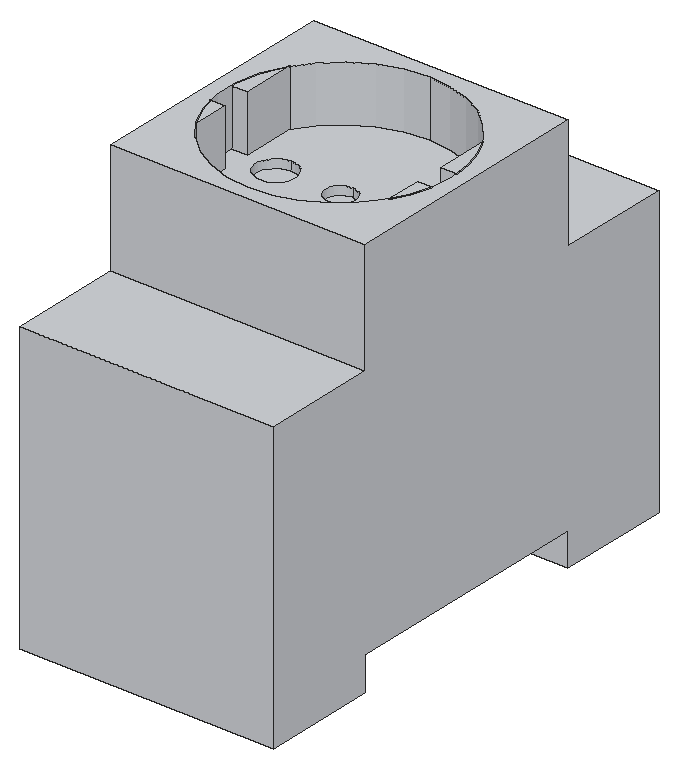
Revit family "Power-ModularDevices-GEWISS-90AM-SOCKET_OUTLET_DIN_DEU", category Apparecchi elettrici, host Superficie, Revit 2016
Family settings
  Host = Superficie
  Mantenere orientamento annotazione = Sì
  Tipo di parte = Normale
  Quota connettore circolare = Usa diametro
  Numero OmniClass = 23.80.50.11
  Titolo OmniClass = Switches and Receptacles
  Taglio con vuoti quando caricato = No
  Condiviso = No
  Punto di calcolo locali = Sì
Parameters (values of type "GW96522 - DIN RAIL SOCKET GER.STD -2P+E 16A - 2,5M")
  Version file RFA = "18.0"
  URL = "https://www.gewiss.com/ww/en"
  Technical sheet = "https://www.gewiss.com/ww/en/search?q=GW96522"
  Standard = "German"
  SIMBOLO IN PIANTA [instance] = yes
  Realized by GEWISS S.p.A. = ""
  Rated voltage = "250Vac"
  Rated current (In) = "16 A"
  Default Elevation = 1219.2 mm
  Produttore = "GEWISS S.p.A."
  Number of poles = "2P+E"
  No. Chorus modules = "2,5"
  Modello = "GW96522"
  L_VERTICALE [instance] = 97.365 mm
  Installation = "DIN rail"
  Immagine tipo = GW96522.jpg
  IFC.TypeObject = ""
  IFC.ExportType = ""
  IFC.ExportAs = ""
  IDT = "218c7963-caa2-4db4-bed7-6c0ad32bbe90"
  IDF = "ca512cc2-6dfa-4e8c-867a-303be78aa01b"
  Finitura = none
  Electrocod = "140                 "
  EAN code = "8011564441729"
  Descrizione = "DIN RAIL SOCKET GER.STD -2P+E 16A - 2,5M"
  DIST_BARRA DIN [instance] = 15 mm
  Catalogue Range = "90 AM"
  Catalogue = "POWER"
  COBie.Tagnumber = ""
  COBie.CreatedOn = ""
  COBie.CreatebBy = ""
  COBie.ComponentRegisterItemID = ""
  COBie.Component.TagNumber = ""
  COBie.Component.Space = ""
  COBie.Component.SerialNumber = ""
  COBie.Component.InstallationDate = ""
  COBie.Component.Description = ""
  COBie.Component.BarCode = ""
Reference planes
  plane 1 "Centro (Fronte/Retro)": y = 0
  plane 2: z = 0
  plane 3 "Centro (Sinistra/Destra)": x = 0
  plane 4: z = 15
  plane 5: through (0, 42.5, 60) normal (0, 0.9613, -0.2756)
  plane 6: through (0, -42.5, 60) normal (0, -0.9613, 0.2756)
Dimensions and locks
  "DIST_BARRA DIN": plane 4 to host face
  angle plane 5 to plane 1 "Centro (Fronte/Retro)" = 16.00°
  angle plane 1 "Centro (Fronte/Retro)" to plane 5 = 164.00°
  angle plane 6 to plane 4 = 106.00°
  aligned and locked: plane 2 to host face
  aligned and locked: level to host face
  aligned and locked: plane 3 "Centro (Sinistra/Destra)" to nested 1
  aligned and locked: plane 1 "Centro (Fronte/Retro)" to nested 1
Automatic sketch dimensions
  host sketch curve to host sketch curve = 2438.4 mm  (x2)
Nested families
  nested 1: "GENERICO  - 90AM PRESA GUIDA DIN STANDARD TED COPERCHIO" at (0, 0, 0), type "GENERICO  - 90AM PRESA GUIDA DIN STANDARD TED COPERCHIO"
  nested 2: "CIV" at (0, 66.988, 0), visible <- "SIMBOLO IN PIANTA", type "CIV"
Connectors
  electrical at (0, 42.5, 34.5)
    settings: on nested 1, index 1, voltage 230 V, apparent load 0 VA, apparent load phase1 0 VA, apparent load phase2 0 VA, apparent load phase3 0 VA, power factor 1, load classification "Altro", number of poles 1, system type 31, power factor state 1, is connector primary yes, connector utility no, sub classification motor no, connector description ""
Definition of nested family "GENERICO  - 90AM PRESA GUIDA DIN STANDARD TED COPERCHIO"
  Parameters (values of type "GENERICO  - 90AM PRESA GUIDA DIN STANDARD TED COPERCHIO")
    h_barra din = if(Altezza barre = 1 mm, 69.9 mm, if(Altezza barre = 2 mm, 115.8 mm, 0 mm))  # 0 mm
    Sportello = yes
    R = 20 mm  # constant formula
    H = if(AB_O = 1, AB_V, if(AB_O = 2, AB_H, 50.8 mm))  # 50.8 mm
    Finitura = none
    Dist barra din = 15 mm
    Contatto = none
    C1 = 45 mm
    C = 65 mm
    B = 85 mm  # constant formula
    Altezza barre = 5 mm  # constant formula
    AB_V = 3 mm  # constant formula
    AB_H = 5 mm  # constant formula
    AB_O = 0  # constant formula
    A = 45 mm  # constant formula
  Reference planes
    plane 1 "Centro (Fronte/Retro)": y = 0
    plane 2: z = 0
    plane 3 "Centro (Sinistra/Destra)": x = 0
    plane 4: y = -42.5
    plane 5: y = 42.5
    plane 6: z = 15
    plane 7: z = 9
    plane 8 "top": z = 80
    plane 9 "incasso": z = 60
    plane 10: y = -22.5
    plane 11: y = 22.5
    plane 12: x = -22.5
    plane 13: x = 22.5
    plane 14: through (4267.2, -42.5, 9) normal (0, -0.1901, 0.9818)
    plane 15 "foro": z = 70
    plane 16: x = -11.25
    plane 17: x = 11.25
    plane 18: through (-22.5, -42.5, 1200) normal (-0.7547, -0.6561, 0)
    plane 19: through (-22.5, -42.5, 1200) normal (0.8988, -0.4384, 0)
    plane 20: through (22.5, -42.5, 1200) normal (-0.9397, 0.342, 0)
    plane 21: y = 14.153
    plane 22: y = 25.5
    plane 23: y = 20
  Forms (mm)
    Extrusion 1, solid, material <- "Finitura"
      sketch origin (0, 0, 0) x (0, 1, 0) y (0, 0, 1)
        loop
          line (-22.5, 15) -> (22.5, 15) -> (22.5, 9) -> (42.5, 9) -> (42.5, 60) -> (22.5, 60) -> (22.5, 80) -> (-22.5, 80) -> (-22.5, 60) -> (-42.5, 60) -> (-42.5, 9) -> (-22.5, 9) -> (-22.5, 15)
      from -22.5 to 22.5
    Extrusion 2, void
      sketch origin (0, 0, 60) x (0, -1, 0) y (1, 0, 0)
        loop
          circle (0, 0) r 20
      from 10 to 20
    Extrusion 3, void
      sketch origin (0, 0, 60) x (0, -1, 0) y (1, 0, 0)
        loop
          circle (0, -11.25) r 3.434
        loop
          circle (0, 11.25) r 3.477
      from 8.474 to 10
    Extrusion 4, void
      sketch origin (0, -13.865, 70) x (0, -1, 0) y (1, 0, 0)
        loop
          circle (-14.153, 0) r 2.622
      from -1.526 to 0
    Extrusion 5, solid, material <- "Contatto"
      sketch origin (0, 0, 70) x (0, -1, 0) y (1, 0, 0)
        loop
          arc (-10.41, -17.077) -> (-5.906, -19.108) -> (-1.041, -19.973) r 20
          line (-1.041, -19.973) -> (-1.041, -17.077) -> (-10.41, -17.077)
        loop
          line (4.034, -17.077) -> (4.034, -19.589)
          arc (4.034, -19.589) -> (7.331, -18.608) -> (10.41, -17.077) r 20
          line (10.41, -17.077) -> (4.034, -17.077)
      from 0 to 10
    Extrusion 6, solid, material <- "Contatto"
      sketch origin (0, 0, 70) x (0, -1, 0) y (1, 0, 0)
        loop
          line (-10.41, 17.077) -> (-1.041, 17.077) -> (-1.041, 19.973)
          arc (-1.041, 19.973) -> (-5.906, 19.108) -> (-10.41, 17.077) r 20
        loop
          line (4.034, 17.077) -> (10.41, 17.077)
          arc (10.41, 17.077) -> (7.331, 18.608) -> (4.034, 19.589) r 20
          line (4.034, 19.589) -> (4.034, 17.077)
      from 0 to 10
  Cuts and joins
    Extrusion 2, Extrusion 3, Extrusion 4 cuts Extrusion 1
  Lines and regions (mm)
    symbolic lines
      curve 1: line (0, 0, 29) -> (0, 0, 9)
      curve 2: line (0, -22.5, 15) -> (0, 22.5, 15)
    model lines, detail levels fine
      curve 3: line (-19.31, -20.181, 80) -> (-19.474, -20.165, 80)
      curve 4: line (-19.474, -20.165, 80) -> (-19.631, -20.118, 80)
      curve 5: line (-19.631, -20.118, 80) -> (-19.777, -20.04, 80)
      curve 6: line (-19.777, -20.04, 80) -> (-19.904, -19.935, 80)
      curve 7: line (-19.904, -19.935, 80) -> (-20.008, -19.808, 80)
      curve 8: line (-20.008, -19.808, 80) -> (-20.086, -19.663, 80)
      curve 9: line (-20.086, -19.663, 80) -> (-20.134, -19.505, 80)
      curve 10: line (-20.134, -19.505, 80) -> (-20.15, -19.341, 80)
      curve 11: line (-20.15, -19.341, 80) -> (-20.134, -19.178, 80)
      curve 12: line (-20.134, -19.178, 80) -> (-20.086, -19.02, 80)
      curve 13: line (-20.086, -19.02, 80) -> (-20.008, -18.875, 80)
      curve 14: line (-20.008, -18.875, 80) -> (-19.904, -18.747, 80)
      curve 15: line (-19.904, -18.747, 80) -> (-19.777, -18.643, 80)
      curve 16: line (-19.777, -18.643, 80) -> (-19.631, -18.565, 80)
      curve 17: line (-19.631, -18.565, 80) -> (-19.474, -18.518, 80)
      curve 18: line (-19.474, -18.518, 80) -> (-19.31, -18.501, 80)
      curve 19: line (-19.31, -18.501, 80) -> (-18.87, -18.501, 80)
      curve 20: line (-18.87, -18.501, 80) -> (-18.87, -18.981, 80)
      curve 21: line (-18.87, -18.981, 80) -> (-19.51, -18.981, 80)
      curve 22: line (-19.51, -18.981, 80) -> (-19.51, -19.701, 80)
      curve 23: line (-19.39, -19.701, 80) -> (-19.39, -19.101, 80)
      curve 24: line (-19.39, -19.101, 80) -> (-18.87, -19.101, 80)
      curve 25: line (-18.87, -19.101, 80) -> (-18.87, -20.181, 80)
      curve 26: line (-18.87, -20.181, 80) -> (-19.31, -20.181, 80)
      curve 27: line (-18.75, -20.181, 80) -> (-17.47, -20.181, 80)
      curve 28: line (-17.47, -20.181, 80) -> (-17.47, -19.701, 80)
      curve 29: line (-17.47, -19.701, 80) -> (-18.23, -19.701, 80)
      curve 30: line (-18.23, -19.581, 80) -> (-17.47, -19.581, 80)
      curve 31: line (-17.47, -19.581, 80) -> (-17.47, -19.101, 80)
      curve 32: line (-17.47, -19.101, 80) -> (-18.23, -19.101, 80)
      curve 33: line (-18.23, -18.981, 80) -> (-18.03, -18.981, 80)
      curve 34: line (-18.03, -18.981, 80) -> (-18.03, -18.501, 80)
      curve 35: line (-18.03, -18.501, 80) -> (-18.75, -18.501, 80)
      curve 36: line (-18.75, -18.501, 80) -> (-18.75, -20.181, 80)
      curve 37: line (-16.657, -20.181, 80) -> (-17.15, -20.181, 80)
      curve 38: line (-17.15, -20.181, 80) -> (-17.43, -18.981, 80)
      curve 39: line (-17.43, -18.981, 80) -> (-17.91, -18.981, 80)
      curve 40: line (-17.91, -18.981, 80) -> (-17.91, -18.501, 80)
      curve 41: line (-17.91, -18.501, 80) -> (-17.049, -18.501, 80)
      curve 42: line (-17.049, -18.501, 80) -> (-16.864, -19.297, 80)
      curve 43: line (-16.864, -19.297, 80) -> (-16.704, -18.501, 80)
      curve 44: line (-16.704, -18.501, 80) -> (-16.224, -18.501, 80)
      curve 45: line (-16.224, -18.501, 80) -> (-16.052, -19.242, 80)
      curve 46: line (-16.052, -19.242, 80) -> (-15.904, -18.501, 80)
      curve 47: line (-15.904, -18.501, 80) -> (-14.95, -18.501, 80)
      curve 48: line (-14.95, -18.501, 80) -> (-14.95, -18.981, 80)
      curve 49: line (-14.95, -18.981, 80) -> (-15.51, -18.981, 80)
      curve 50: line (-15.51, -18.981, 80) -> (-15.75, -20.181, 80)
      curve 51: line (-15.75, -20.181, 80) -> (-16.24, -20.181, 80)
      curve 52: line (-16.24, -20.181, 80) -> (-16.464, -19.218, 80)
      curve 53: line (-16.464, -19.218, 80) -> (-16.657, -20.181, 80)
      curve 54: line (-14.95, -19.101, 80) -> (-15.43, -19.101, 80)
      curve 55: line (-15.43, -19.101, 80) -> (-15.43, -20.181, 80)
      curve 56: line (-15.43, -20.181, 80) -> (-14.95, -20.181, 80)
      curve 57: line (-14.95, -20.181, 80) -> (-14.95, -19.101, 80)
      curve 58: line (-14.83, -20.181, 80) -> (-13.55, -20.181, 80)
      curve 59: line (-13.55, -20.181, 80) -> (-13.55, -19.101, 80)
      curve 60: line (-13.55, -19.101, 80) -> (-14.31, -19.101, 80)
      curve 61: line (-14.31, -18.981, 80) -> (-13.55, -18.981, 80)
      curve 62: line (-13.55, -18.981, 80) -> (-13.55, -18.501, 80)
      curve 63: line (-13.55, -18.501, 80) -> (-14.83, -18.501, 80)
      curve 64: line (-14.83, -18.501, 80) -> (-14.83, -19.581, 80)
      curve 65: line (-14.83, -19.581, 80) -> (-14.07, -19.581, 80)
      curve 66: line (-14.07, -19.701, 80) -> (-14.83, -19.701, 80)
      curve 67: line (-14.83, -19.701, 80) -> (-14.83, -20.181, 80)
      curve 68: line (-12.99, -20.181, 80) -> (-12.826, -20.165, 80)
      curve 69: line (-12.826, -20.165, 80) -> (-12.669, -20.118, 80)
      curve 70: line (-12.669, -20.118, 80) -> (-12.523, -20.04, 80)
      curve 71: line (-12.523, -20.04, 80) -> (-12.396, -19.935, 80)
      curve 72: line (-12.396, -19.935, 80) -> (-12.292, -19.808, 80)
      curve 73: line (-12.292, -19.808, 80) -> (-12.214, -19.663, 80)
      curve 74: line (-12.214, -19.663, 80) -> (-12.166, -19.505, 80)
      curve 75: line (-12.166, -19.505, 80) -> (-12.15, -19.341, 80)
      curve 76: line (-12.185, -19.101, 80) -> (-12.91, -19.101, 80)
      curve 77: line (-12.91, -18.981, 80) -> (-12.231, -18.981, 80)
      curve 78: line (-12.231, -18.981, 80) -> (-12.331, -18.821, 80)
      curve 79: line (-12.331, -18.821, 80) -> (-12.464, -18.687, 80)
      curve 80: line (-12.464, -18.687, 80) -> (-12.624, -18.586, 80)
      curve 81: line (-12.624, -18.586, 80) -> (-12.802, -18.523, 80)
      curve 82: line (-12.802, -18.523, 80) -> (-12.99, -18.501, 80)
      curve 83: line (-12.99, -18.501, 80) -> (-13.43, -18.501, 80)
      curve 84: line (-13.43, -18.501, 80) -> (-13.43, -19.581, 80)
      curve 85: line (-13.43, -19.581, 80) -> (-12.79, -19.581, 80)
      curve 86: line (-12.79, -19.701, 80) -> (-13.43, -19.701, 80)
      curve 87: line (-13.43, -19.701, 80) -> (-13.43, -20.181, 80)
      curve 88: line (-13.43, -20.181, 80) -> (-12.99, -20.181, 80)
      curve 89: line (2.023, 35.453, 60) -> (-0.077, 35.453, 60)
      curve 90: line (-0.077, 35.453, 60) -> (-2.177, 35.453, 60)
      curve 91: line (1.373, 34.153, 60) -> (-0.077, 34.153, 60)
      curve 92: line (-0.077, 34.153, 60) -> (-1.527, 34.153, 60)
      curve 93: line (2.673, 36.753, 60) -> (-0.077, 36.753, 60)
      curve 94: line (-0.077, 36.753, 60) -> (-2.827, 36.753, 60)
      curve 95: line (-0.089, 37.403, 60) -> (-0.089, 39.603, 60)
      curve 96: line (-0.077, 33.156, 60) -> (1.721, 33.638, 60)
      curve 97: line (1.721, 33.638, 60) -> (3.038, 34.955, 60)
      curve 98: line (3.038, 34.955, 60) -> (3.52, 36.753, 60)
      curve 99: line (3.52, 36.753, 60) -> (3.038, 38.551, 60)
      curve 100: line (3.038, 38.551, 60) -> (1.721, 39.868, 60)
      curve 101: line (1.721, 39.868, 60) -> (-0.077, 40.349, 60)
      curve 102: line (-0.077, 40.349, 60) -> (-1.875, 39.868, 60)
      curve 103: line (-1.875, 39.868, 60) -> (-3.192, 38.551, 60)
      curve 104: line (-3.192, 38.551, 60) -> (-3.673, 36.753, 60)
      curve 105: line (-3.673, 36.753, 60) -> (-3.192, 34.955, 60)
      curve 106: line (-3.192, 34.955, 60) -> (-1.875, 33.638, 60)
      curve 107: line (-1.875, 33.638, 60) -> (-0.077, 33.156, 60)
    model lines, detail levels medium+fine
      curve 108: circle (-0.111, 28.342, 60) r 3.325 normal (0, 0, 1)
      curve 109: circle (-10.736, -29.756, 60) r 3.325 normal (0, 0, 1)
      curve 110: circle (10.736, -29.756, 60) r 3.325 normal (0, 0, -1)
  Text (mm)
    text "AB_V" at (0, 50.868, 44.72), in view "Destra"
    text "AB_O" at (0, -80.659, 111.963), in view "Destra"
    text "AB_0" at (-72.795, 64.852, 0), in view "Livello rif."
    text "AB_V" at (36.811, 11.393, 0), in view "Livello rif."
  Dimensions and locks
    equal spacing: plane 4, plane 1 "Centro (Fronte/Retro)", plane 5
    "B": plane 4 to plane 5
    "Dist barra din": plane 6 to level
    locked: plane 6 to plane 7 at 6
    "C": plane 8 "top" to plane 6
    equal spacing: plane 10, plane 1 "Centro (Fronte/Retro)", plane 11
    plane 10 to plane 11 = 45 mm
    equal spacing: plane 12, plane 3 "Centro (Sinistra/Destra)", plane 13
    "A": plane 12 to plane 13
    locked: plane 15 "foro" to plane 9 "incasso" at 10
    locked: plane 11 to plane 22 at 3
    "C1": plane 9 "incasso" to plane 6
    "R": radius of Extrusion 2 sketch curve
    angle level to plane 14 = 10.9557°
    angle plane 4 to plane 8 "top" = 90.00°
    angle plane 20 to plane 18 = 61.00°
    angle plane 20 to plane 19 = 174.00°
    angle plane 19 to plane 4 = 116.00°
    aligned and locked: level to plane 2
    aligned and locked: Extrusion 1 sketch curve to plane 6
    aligned and locked: Extrusion 1 sketch curve to plane 7
    aligned and locked: Extrusion 1 sketch curve to plane 4
    aligned and locked: Extrusion 1 sketch curve to plane 9 "incasso"
    aligned and locked: Extrusion 1 sketch curve to plane 8 "top"
    aligned and locked: Extrusion 1 sketch curve to plane 11  (x2)
    aligned and locked: Extrusion 1 sketch curve to plane 5
    aligned and locked: Extrusion 1 sketch curve to plane 10  (x2)
    aligned and locked: plane 1 "Centro (Fronte/Retro)" to curve 1
    aligned and locked: Extrusion 1 to plane 6
    aligned and locked: Extrusion 1 to plane 12
    aligned and locked: plane 13 to Extrusion 1
    aligned and locked: plane 9 "incasso" to Extrusion 1
    aligned and locked: curve 2 to plane 6
    aligned and locked: plane 3 "Centro (Sinistra/Destra)" to Extrusion 2 sketch curve
    aligned and locked: plane 1 "Centro (Fronte/Retro)" to Extrusion 2 sketch curve
    aligned and locked: Extrusion 2 to plane 15 "foro"
    aligned and locked: plane 8 "top" to Extrusion 2
    aligned and locked: Extrusion 3 to Extrusion 2
    aligned and locked: Extrusion 4 to Extrusion 2
    aligned and locked: plane 8 "top" to Extrusion 5
  Automatic sketch dimensions
    curve 2 to plane 10 = 0 mm
    curve 2 to plane 11 = 0 mm
    curve 1 to plane 7 = 0 mm
    plane 6 to curve 1 = 14 mm
    Extrusion 1 sketch curve to plane 7 = 0 mm
    Extrusion 1 sketch curve to plane 9 "incasso" = 0 mm
    curve 101 to plane 3 "Centro (Sinistra/Destra)" = 0.077 mm
    curve 101 to plane 5 = 2.151 mm
    curve 101 to curve 103 = 0.482 mm
    curve 101 to curve 101 = 0.482 mm
    curve 102 to curve 103 = 1.316 mm
    curve 100 to curve 100 = 1.316 mm
    curve 104 to curve 94 = 0 mm
    curve 89 to plane 3 "Centro (Sinistra/Destra)" = 0.077 mm
    plane 3 "Centro (Sinistra/Destra)" to curve 97 = 3.038 mm
    curve 106 to plane 3 "Centro (Sinistra/Destra)" = 3.192 mm
    curve 90 to curve 106 = 0.498 mm
    plane 3 "Centro (Sinistra/Destra)" to curve 96 = 1.721 mm
    curve 106 to plane 3 "Centro (Sinistra/Destra)" = 1.875 mm
    curve 92 to curve 106 = 0.515 mm
    curve 96 to plane 3 "Centro (Sinistra/Destra)" = 0.077 mm
    curve 91 to curve 96 = 0.997 mm
    curve 108 to plane 3 "Centro (Sinistra/Destra)" = 0.111 mm
    curve 96 to curve 108 = 4.814 mm
    curve 110 to plane 17 = 0.514 mm
    curve 110 to plane 10 = 7.256 mm
    curve 109 to plane 16 = 0.514 mm
    curve 109 to plane 10 = 7.256 mm
    curve 104 to curve 105 = 0.482 mm
    curve 104 to curve 103 = 0.482 mm
    curve 103 to curve 101 = 1.798 mm
    curve 95 to plane 3 "Centro (Sinistra/Destra)" = 0.089 mm
    curve 94 to plane 3 "Centro (Sinistra/Destra)" = 0.077 mm
    curve 92 to plane 3 "Centro (Sinistra/Destra)" = 0.077 mm
    curve 91 to curve 96 = 0.348 mm
    plane 1 "Centro (Fronte/Retro)" to Extrusion 3 sketch curve = 0 mm  (x2)
    plane 16 to Extrusion 3 sketch curve = 0 mm
    Extrusion 3 sketch curve to plane 17 = 0 mm
    Extrusion 4 sketch curve to plane 3 "Centro (Sinistra/Destra)" = 0 mm
    Extrusion 4 sketch curve to plane 1 "Centro (Fronte/Retro)" = 0.288 mm
    Extrusion 5 sketch curve to Extrusion 5 sketch curve = 0 mm  (x3)
    plane 1 "Centro (Fronte/Retro)" to Extrusion 5 sketch curve = 0 mm
    Extrusion 5 sketch curve to plane 3 "Centro (Sinistra/Destra)" = 0 mm
    Extrusion 5 sketch curve to plane 1 "Centro (Fronte/Retro)" = 1.041 mm
    plane 21 to Extrusion 5 sketch curve = 3.743 mm
    plane 1 "Centro (Fronte/Retro)" to Extrusion 5 sketch curve = 4.034 mm
    Extrusion 5 sketch curve to Extrusion 5 sketch curve = 6.376 mm
    plane 12 to Extrusion 5 sketch curve = 5.423 mm
    Extrusion 6 sketch curve to Extrusion 6 sketch curve = 0 mm  (x3)
    plane 1 "Centro (Fronte/Retro)" to Extrusion 6 sketch curve = 0 mm
    Extrusion 6 sketch curve to plane 3 "Centro (Sinistra/Destra)" = 0 mm
    plane 1 "Centro (Fronte/Retro)" to Extrusion 6 sketch curve = 1.041 mm
    Extrusion 6 sketch curve to plane 21 = 3.743 mm
    Extrusion 6 sketch curve to plane 1 "Centro (Fronte/Retro)" = 4.034 mm
    Extrusion 6 sketch curve to Extrusion 6 sketch curve = 6.376 mm
    plane 13 to Extrusion 6 sketch curve = 5.423 mm
    Extrusion 1 to curve 3 = 3.19 mm
    curve 3 to Extrusion 1 = 2.319 mm
    curve 67 to curve 87 = 0 mm
    curve 57 to curve 58 = 0 mm
    curve 53 to curve 55 = 0 mm
    curve 53 to curve 52 = 0 mm
    curve 3 to curve 36 = 0 mm
    curve 28 to curve 37 = 0 mm
    Extrusion 1 to curve 3 = 3.026 mm
    curve 3 to curve 3 = 0.016 mm
    curve 68 to curve 69 = 0.016 mm
    curve 69 to curve 69 = 0.048 mm
    Extrusion 1 to curve 5 = 2.869 mm
    curve 3 to curve 5 = 0.048 mm
    Extrusion 1 to curve 6 = 2.723 mm
    curve 4 to curve 6 = 0.078 mm
    curve 69 to curve 71 = 0.078 mm
    Extrusion 1 to curve 7 = 2.596 mm
    curve 5 to curve 7 = 0.104 mm
    curve 70 to curve 71 = 0.104 mm
    curve 71 to curve 73 = 0.127 mm
    curve 6 to curve 7 = 0.127 mm
    Extrusion 1 to curve 8 = 2.492 mm
    curve 58 to curve 66 = 0.48 mm
    curve 3 to curve 23 = 0.464 mm
    curve 27 to curve 28 = 0.48 mm
    curve 87 to curve 87 = 0.48 mm
    curve 22 to curve 23 = 0 mm
    curve 72 to curve 74 = 0.145 mm
    Extrusion 1 to curve 8 = 2.414 mm
    curve 7 to curve 8 = 0.145 mm
    curve 86 to curve 85 = 0.12 mm
    curve 66 to curve 65 = 0.12 mm
    curve 28 to curve 30 = 0.12 mm
    curve 73 to curve 74 = 0.158 mm
    Extrusion 1 to curve 9 = 2.366 mm
    curve 8 to curve 9 = 0.158 mm
    Extrusion 1 to curve 10 = 2.35 mm
    curve 9 to curve 10 = 0.164 mm
    curve 74 to curve 75 = 0.164 mm
    curve 30 to curve 43 = 0.284 mm
    curve 42 to curve 46 = 0.055 mm
    curve 42 to curve 53 = 0.079 mm
    Extrusion 1 to curve 11 = 2.366 mm
    curve 10 to curve 11 = 0.164 mm
    curve 23 to curve 23 = 0.6 mm
    curve 30 to curve 31 = 0.48 mm
    curve 75 to curve 76 = 0.24 mm
    curve 65 to curve 60 = 0.48 mm
    curve 45 to curve 54 = 0.14 mm
    curve 11 to curve 12 = 0.158 mm
    Extrusion 1 to curve 13 = 2.414 mm
    curve 76 to curve 77 = 0.12 mm
    curve 32 to curve 39 = 0.12 mm
    curve 33 to curve 39 = 0 mm
    curve 54 to curve 50 = 0.12 mm
    curve 60 to curve 61 = 0.12 mm
    curve 23 to curve 21 = 0.12 mm
    Extrusion 1 to curve 14 = 2.492 mm
    curve 12 to curve 14 = 0.145 mm
    curve 77 to curve 79 = 0.161 mm
    curve 13 to curve 15 = 0.127 mm
    Extrusion 1 to curve 14 = 2.596 mm
    curve 78 to curve 79 = 0.134 mm
    Extrusion 1 to curve 15 = 2.723 mm
    curve 14 to curve 15 = 0.104 mm
    curve 79 to curve 80 = 0.101 mm
    Extrusion 1 to curve 17 = 2.869 mm
    curve 15 to curve 17 = 0.078 mm
    curve 80 to curve 82 = 0.063 mm
    curve 16 to curve 17 = 0.048 mm
    Extrusion 1 to curve 18 = 3.026 mm
    curve 48 to curve 64 = 0.48 mm
    curve 39 to curve 40 = 0.48 mm
    curve 41 to curve 43 = 0 mm
    curve 20 to curve 36 = 0.48 mm
    curve 47 to curve 63 = 0 mm
    curve 81 to curve 82 = 0.021 mm
    curve 20 to curve 35 = 0 mm
    curve 21 to curve 18 = 0.44 mm
    curve 24 to curve 20 = 0 mm
    curve 35 to curve 19 = 0.12 mm
    curve 32 to curve 24 = 0.64 mm
    curve 33 to curve 32 = 0 mm
    curve 29 to curve 32 = 0 mm
    curve 30 to curve 29 = 0 mm
    curve 34 to curve 33 = 0.2 mm
    curve 40 to curve 33 = 0.12 mm
    curve 29 to curve 29 = 0.76 mm
    curve 31 to curve 28 = 0 mm
    curve 39 to curve 31 = 0.04 mm
    curve 37 to curve 27 = 0.32 mm
    curve 42 to curve 38 = 0.381 mm
    curve 43 to curve 31 = 0.607 mm
    curve 44 to curve 41 = 0.345 mm
    curve 37 to curve 37 = 0.493 mm
    curve 52 to curve 42 = 0.399 mm
    curve 51 to curve 37 = 0.418 mm
    curve 45 to curve 43 = 0.48 mm
    curve 45 to curve 52 = 0.413 mm
    curve 47 to curve 44 = 0.321 mm
    curve 50 to curve 51 = 0.49 mm
    curve 49 to curve 45 = 0.542 mm
    curve 54 to curve 49 = 0.08 mm
    curve 49 to curve 54 = 0.48 mm
    curve 54 to curve 49 = 0 mm
    curve 58 to curve 56 = 0.12 mm
    curve 64 to curve 47 = 0.12 mm
    curve 60 to curve 54 = 0.64 mm
    curve 61 to curve 60 = 0 mm
    curve 65 to curve 60 = 0.24 mm
    curve 66 to curve 65 = 0 mm
    curve 63 to curve 61 = 0.76 mm
    curve 60 to curve 61 = 0 mm
    curve 83 to curve 62 = 0.12 mm
    curve 85 to curve 86 = 0 mm
    curve 83 to curve 83 = 0.44 mm
    curve 68 to curve 87 = 0.44 mm
    curve 76 to curve 82 = 0.08 mm
    curve 77 to curve 76 = 0 mm
    curve 68 to curve 68 = 0.164 mm
    curve 82 to curve 82 = 0.188 mm
    curve 85 to curve 76 = 0.12 mm
    curve 86 to curve 85 = 0 mm
    curve 69 to curve 69 = 0.158 mm
    curve 81 to curve 82 = 0.178 mm
    curve 70 to curve 69 = 0.145 mm
    curve 80 to curve 80 = 0.16 mm
    curve 71 to curve 70 = 0.127 mm
    curve 78 to curve 79 = 0.133 mm
    curve 72 to curve 71 = 0.104 mm
    curve 78 to curve 79 = 0.1 mm
    curve 73 to curve 72 = 0.078 mm
    curve 76 to curve 77 = 0.046 mm
    curve 74 to curve 73 = 0.048 mm
    curve 75 to curve 74 = 0.016 mm
    curve 24 to curve 24 = 0.52 mm
    curve 23 to curve 3 = 0.084 mm
    curve 23 to curve 22 = 0.12 mm
    curve 93 to curve 90 = 1.3 mm
    curve 89 to curve 97 = 0.498 mm
    curve 89 to curve 91 = 1.3 mm
    curve 91 to curve 96 = 0.515 mm
    curve 106 to curve 92 = 0.348 mm
    curve 105 to curve 90 = 1.015 mm
    curve 89 to curve 97 = 1.015 mm
    curve 93 to curve 99 = 0 mm
    curve 89 to curve 93 = 0.65 mm
    curve 93 to curve 99 = 0.365 mm
    curve 93 to curve 98 = 0.847 mm
    curve 103 to curve 105 = 1.798 mm
    curve 104 to curve 94 = 0.847 mm
    curve 95 to curve 93 = 0.65 mm
    plane 3 "Centro (Sinistra/Destra)" to curve 100 = 1.721 mm
    curve 101 to curve 95 = 0.747 mm
    radius of curve 108 = 3.325 mm
    radius of curve 109 = 3.325 mm
    radius of curve 110 = 3.325 mm
    radius of Extrusion 3 sketch curve = 3.434 mm
    radius of Extrusion 3 sketch curve = 3.477 mm
    radius of Extrusion 4 sketch curve = 2.622 mm
Definition of nested family "CIV"
  Reference planes
    plane 1: y = 0
    plane 2: x = 0
  Lines and regions (mm)
    detail lines
      curve 1: line (0.827, 3.664, 0) -> (0.579, 3.664, 0)
      curve 2: line (0.579, 3.664, 0) -> (0.538, 3.457, 0)
      curve 3: line (0.538, 3.457, 0) -> (0.455, 3.291, 0)
      curve 4: line (0.455, 3.291, 0) -> (0.248, 3.126, 0)
      curve 5: line (0.248, 3.126, 0) -> (0, 3.085, 0)
      curve 6: line (0, 3.085, 0) -> (-0.248, 3.126, 0)
      curve 7: line (-0.248, 3.126, 0) -> (-0.455, 3.291, 0)
      curve 8: line (-0.455, 3.291, 0) -> (-0.537, 3.457, 0)
      curve 9: line (-0.537, 3.457, 0) -> (-0.579, 3.664, 0)
      curve 10: line (-0.579, 3.664, 0) -> (-0.827, 3.664, 0)
      curve 11: line (0, 2.15, 0) -> (0, 3.085, 0)
